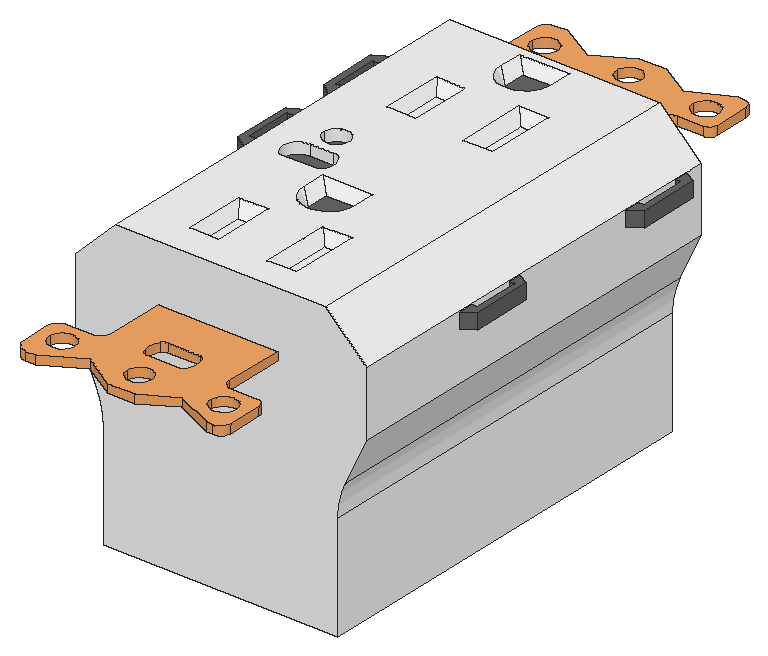
Revit family "HCSREC", category Communication Devices, host Face, Revit 2014
Parameters
  Warranty = "5-Years Warranty"  # constant formula
  Type Comments = "Controlled Receptacle"  # constant formula
  Support = Paint - Hubbell - Carbon Black
  Product Page URL = "https://www.hubbell.com/hubbellcontrolsolutions/en/Products/Lighting-Controls/Lighting-Controls-Sensors/PowerHUBB-PoE-Lighting-Control/Controlled-Receptacle/p/3094121"
  Product Documentation Link = "https://hubbellcdn.com/specsheet/HCS_HCSREC_SPEC.pdf"
  URL = "https://www.hubbell.com/hubbellcontrolsolutions/en"
  Model = "HCSREC Series"  # constant formula
  Manufacturer = "Hubbell Control Solutions"  # constant formula
  Feartures = "Split or Fully Controlled 15A or 20A Options\r\n• Downstream Branch Circuit Control\r\n• Permanent NEC 406.3 (E) Markings\r\n• UL498B SA Listed Receptacles with Integral Switching Comply with\r\nSupplement SA\r\n• Fed Spec W596G"  # constant formula
  Description = "The Hubbell Control Solutions (HCS) Duplex Receptacle is the latest addition\r\nto the HCS comprehensive offering for controlled devices. Featuring Hubbell’s\r\nexclusive and patented tamper-resistant mechanism, the unit is capable of\r\ncontrolling other receptacles downstream in the branch circuit. Hubbell offers\r\nthis innovative device in a wired control option. The series is designed to be\r\nautomatically controlled by a low voltage signal from occupancy sensors or\r\nany other type of control capable of performing this task, such as a time-ofday\r\ncontrol device. This controlled receptacle solution is fully compatible with\r\nexisting systems."  # constant formula
  Default Elevation = 48.00"
  Create Date = "02/13/2019"
  Copyright = "Copyright © 2019 Hubbell Control Solutions"  # constant formula
  Contact Us = "https://www.hubbell.com/hubbellcontrolsolutions/en/contactUs"
  Housing Material = Paint - Hubbell - Matte White
  Connecting Metal = Hubbell- Meta - Gold
  Certifications = "cUL 498B SA Fed. Spec. WC596G"
  Assembly Code = "D5090"
Reference planes (in)
  plane 1 "Center (Front/Back)": y = 11.68155
  plane 2: z = 0
  plane 3 "Center (Left/Right)": x = 0
  plane 4: z = 1.8
  plane 5: through (0.87749, -180, 1.95871) normal (0.7071, 0, 0.7071)
  plane 6: x = -0.9
  plane 7: x = 0.9
  plane 8: y = 13.59155
  plane 9: y = 9.77155
  plane 10: y = 13.32155
  plane 11: y = 10.04155
Forms (in)
  Extrusion 1, solid, material "Hubbell- Meta - Gold" <- "Connecting Metal"
    sketch origin (0, 0, 0) x (1, 0, 0) y (0, 1, 0)
      loop
        line (-0.38495, 12.97341) -> (0.35112, 12.97341) -> (0.35112, 13.34991)
        arc (0.35112, 13.34991) -> (0.36749, 13.38942) -> (0.40701, 13.40579) r 0.05588
        line (0.40701, 13.40579) -> (0.57098, 13.40579)
        arc (0.57098, 13.40579) -> (0.60503, 13.4199) -> (0.61914, 13.45395) r 0.04816
        line (0.61914, 13.45395) -> (0.61914, 13.67271)
        arc (0.61914, 13.67271) -> (0.6016, 13.71505) -> (0.55926, 13.73259) r 0.05988
        line (0.55926, 13.73259) -> (0.52174, 13.73259) -> (0.27449, 13.61729) -> (0.07479, 13.73259) -> (-0.09008, 13.73259) -> (-0.30848, 13.60136) -> (-0.53578, 13.73259) -> (-0.59763, 13.73259)
        arc (-0.59763, 13.73259) -> (-0.65166, 13.71021) -> (-0.67404, 13.65618) r 0.07641
        line (-0.67404, 13.65618) -> (-0.67404, 13.47416)
        arc (-0.67404, 13.47416) -> (-0.65401, 13.42582) -> (-0.60567, 13.40579) r 0.06837
        line (-0.60567, 13.40579) -> (-0.46098, 13.40579)
        arc (-0.46098, 13.40579) -> (-0.40722, 13.38352) -> (-0.38495, 13.32976) r 0.07603
        line (-0.38495, 13.32976) -> (-0.38495, 12.97341)
      loop
        line (-0.38495, 10.3897) -> (-0.38495, 10.03335)
        arc (-0.38495, 10.03335) -> (-0.40722, 9.97959) -> (-0.46098, 9.95732) r 0.07603
        line (-0.46098, 9.95732) -> (-0.60567, 9.95732)
        arc (-0.60567, 9.95732) -> (-0.65401, 9.93729) -> (-0.67404, 9.88894) r 0.06837
        line (-0.67404, 9.88894) -> (-0.67404, 9.70693)
        arc (-0.67404, 9.70693) -> (-0.65166, 9.6529) -> (-0.59763, 9.63052) r 0.07641
        line (-0.59763, 9.63052) -> (-0.53578, 9.63052) -> (-0.30848, 9.76175) -> (-0.09008, 9.63052) -> (0.07479, 9.63052) -> (0.27449, 9.74582) -> (0.52174, 9.63052) -> (0.55926, 9.63052)
        arc (0.55926, 9.63052) -> (0.6016, 9.64806) -> (0.61914, 9.6904) r 0.05988
        line (0.61914, 9.6904) -> (0.61914, 9.90916)
        arc (0.61914, 9.90916) -> (0.60503, 9.94321) -> (0.57098, 9.95732) r 0.04816
        line (0.57098, 9.95732) -> (0.40701, 9.95732)
        arc (0.40701, 9.95732) -> (0.36749, 9.97369) -> (0.35112, 10.0132) r 0.05588
        line (0.35112, 10.0132) -> (0.35112, 10.3897) -> (-0.38495, 10.3897)
      loop
        circle (-0.52208, 9.81705) r 0.0803
      loop
        circle (0.4752, 9.81705) r 0.0803
      loop
        circle (-0.02272, 9.78888) r 0.07695
      loop
        arc (-0.14941, 10.10148) -> (-0.16223, 10.04589) -> (-0.15274, 9.98964) r 0.14581
        arc (-0.15274, 9.98964) -> (-0.13589, 9.96819) -> (-0.10984, 9.96008) r 0.0459
        line (-0.10984, 9.96008) -> (0.07618, 9.96008)
        arc (0.07618, 9.96008) -> (0.10294, 9.96846) -> (0.12014, 9.99061) r 0.04692
        arc (0.12014, 9.99061) -> (0.12929, 10.04503) -> (0.11756, 10.09895) r 0.14581
        arc (0.11756, 10.09895) -> (0.10292, 10.11647) -> (0.08106, 10.12303) r 0.0397
        line (0.08106, 10.12303) -> (-0.11606, 10.12303)
        arc (-0.11606, 10.12303) -> (-0.13591, 10.11717) -> (-0.14941, 10.10148) r 0.03658
      loop
        circle (-0.52208, 13.54606) r 0.0803
      loop
        circle (0.4752, 13.54606) r 0.0803
      loop
        circle (-0.02272, 13.57422) r 0.07695
      loop
        arc (-0.14941, 13.26163) -> (-0.13591, 13.24594) -> (-0.11606, 13.24008) r 0.03658
        line (-0.11606, 13.24008) -> (0.08106, 13.24008)
        arc (0.08106, 13.24008) -> (0.10292, 13.24664) -> (0.11756, 13.26416) r 0.0397
        arc (0.11756, 13.26416) -> (0.12929, 13.31808) -> (0.12014, 13.3725) r 0.14581
        arc (0.12014, 13.3725) -> (0.10294, 13.39465) -> (0.07618, 13.40303) r 0.04692
        line (0.07618, 13.40303) -> (-0.10984, 13.40303)
        arc (-0.10984, 13.40303) -> (-0.13589, 13.39492) -> (-0.15274, 13.37347) r 0.0459
        arc (-0.15274, 13.37347) -> (-0.16223, 13.31722) -> (-0.14941, 13.26163) r 0.14581
    from 1.39668 to 1.45
  Extrusion 2, solid, material "Paint - Hubbell - Matte White" <- "Housing Material"
    sketch origin (0, 11.68155, 0) x (1, 0, 0) y (0, 0, 1)
      loop
        line (-0.65, 1.8) -> (-0.9, 1.55) -> (-0.9, 1.14723) -> (-0.77795, 0.8855)
        arc (-0.77795, 0.8855) -> (-0.7374, 0.76605) -> (-0.72367, 0.64065) r 0.57938
        line (-0.72367, 0.64065) -> (-0.72367, 0) -> (0.72367, 0) -> (0.72367, 0.65824)
        arc (0.72367, 0.65824) -> (0.73552, 0.76646) -> (0.77051, 0.86955) r 0.5
        line (0.77051, 0.86955) -> (0.9, 1.14723) -> (0.9, 1.55) -> (0.65, 1.8) -> (-0.65, 1.8)
    from -1.29186 to 1.29186
  Blend 3, void
    base sketch origin (0, 0, 0) x (1, 0, 0) y (0, 1, 0)
      loop
        line (-0.35181, 12.49526) -> (-0.35181, 12.11129) -> (-0.16933, 12.11129) -> (-0.16933, 12.49526) -> (-0.35181, 12.49526)
    top sketch origin (0, 0, 0) x (1, 0, 0) y (0, 1, 0)
      loop
        line (-0.30429, 12.43443) -> (-0.30429, 12.18443) -> (-0.21685, 12.18443) -> (-0.21685, 12.43443) -> (-0.30429, 12.43443)
    from 1.8 to 1.73259
  Blend 4, void
    base sketch origin (0, 23.08186, 0) x (1, 0, 0) y (0, 1, 0)
      loop
        line (-0.35181, -12.49526) -> (-0.16933, -12.49526) -> (-0.16933, -12.11129) -> (-0.35181, -12.11129) -> (-0.35181, -12.49526)
    top sketch origin (0, 23.08186, 0) x (1, 0, 0) y (0, 1, 0)
      loop
        line (-0.30429, -12.43443) -> (-0.21685, -12.43443) -> (-0.21685, -12.18443) -> (-0.30429, -12.18443) -> (-0.30429, -12.43443)
    from 1.8 to 1.73259
  Blend 5, void
    base sketch origin (0.5, 23.08186, 0) x (1, 0, 0) y (0, 1, 0)
      loop
        line (-0.35962, -12.51088) -> (-0.17714, -12.51088) -> (-0.17714, -12.08004) -> (-0.35962, -12.08004) -> (-0.35962, -12.51088)
    top sketch origin (0.5, 23.08186, 0) x (1, 0, 0) y (0, 1, 0)
      loop
        line (-0.30429, -12.46568) -> (-0.22466, -12.46568) -> (-0.22466, -12.13756) -> (-0.30429, -12.13756) -> (-0.30429, -12.46568)
    from 1.8 to 1.73259
  Blend 6, void
    base sketch origin (0.5, 24.59748, 0) x (1, 0, 0) y (0, 1, 0)
      loop
        line (-0.35962, -12.51088) -> (-0.17714, -12.51088) -> (-0.17714, -12.08004) -> (-0.35962, -12.08004) -> (-0.35962, -12.51088)
    top sketch origin (0.5, 24.59748, 0) x (1, 0, 0) y (0, 1, 0)
      loop
        line (-0.30429, -12.46568) -> (-0.22466, -12.46568) -> (-0.22466, -12.13756) -> (-0.30429, -12.13756) -> (-0.30429, -12.46568)
    from 1.8 to 1.73259
  Extrusion 7, void
    sketch origin (0, 0, 0) x (1, 0, 0) y (0, 1, 0)
      loop
        arc (-0.42062, 11.59976) -> (-0.50312, 11.52814) -> (-0.46383, 11.42621) r 0.09509
        line (-0.46383, 11.42621) -> (-0.23234, 11.42621)
        arc (-0.23234, 11.42621) -> (-0.19305, 11.52814) -> (-0.27554, 11.59976) r 0.09509
        line (-0.27554, 11.59976) -> (-0.42062, 11.59976)
      loop
        circle (-0.35751, 11.73235) r 0.079
    from 1.73259 to 1.8
  Blend 8, void
    base sketch origin (0, 0, 0) x (1, 0, 0) y (0, 1, 0)
      loop
        line (-0.17482, 11.39425) -> (-0.17482, 11.2478)
        arc (-0.17482, 11.2478) -> (-0.02071, 11.09369) -> (0.1334, 11.2478) r 0.15411
        line (0.1334, 11.2478) -> (0.1334, 11.39425) -> (-0.17482, 11.39425)
    top sketch origin (0, 0, 0) x (1, 0, 0) y (0, 1, 0)
      loop
        line (-0.11142, 11.34179) -> (-0.11142, 11.19971)
        arc (-0.11142, 11.19971) -> (-0.02071, 11.14719) -> (0.07001, 11.19971) r 0.10461
        line (0.07001, 11.19971) -> (0.07001, 11.34179) -> (-0.11142, 11.34179)
    from 1.8 to 1.73259
  Blend 9, void
    base sketch origin (0, 1.52454, 0) x (1, 0, 0) y (0, 1, 0)
      loop
        line (-0.17482, 11.39425) -> (-0.17482, 11.2478)
        arc (-0.17482, 11.2478) -> (-0.02071, 11.09369) -> (0.1334, 11.2478) r 0.15411
        line (0.1334, 11.2478) -> (0.1334, 11.39425) -> (-0.17482, 11.39425)
    top sketch origin (0, 1.52454, 0) x (1, 0, 0) y (0, 1, 0)
      loop
        line (-0.11142, 11.34179) -> (-0.11142, 11.19971)
        arc (-0.11142, 11.19971) -> (-0.02071, 11.14719) -> (0.07001, 11.19971) r 0.10461
        line (0.07001, 11.19971) -> (0.07001, 11.34179) -> (-0.11142, 11.34179)
    from 1.8 to 1.73259
  Extrusion 10, solid, material "Paint - Hubbell - Carbon Black" <- "Support"
    sketch origin (-0.1111, 0, 0) x (1, 0, 0) y (0, 1, 0)
      loop
        line (-0.78436, 12.77721) -> (-0.78436, 12.8812) -> (-0.9, 12.81443) -> (-0.9, 12.44498) -> (-0.78918, 12.36738) -> (-0.78918, 12.4863) -> (-0.85858, 12.4863) -> (-0.85858, 12.77721) -> (-0.78436, 12.77721)
    from 1.45407 to 1.54867
  Extrusion 11, solid, material "Paint - Hubbell - Carbon Black" <- "Support"
    sketch origin (-0.1111, -0.66276, 0) x (1, 0, 0) y (0, 1, 0)
      loop
        line (-0.78436, 12.77721) -> (-0.78436, 12.8812) -> (-0.9, 12.81443) -> (-0.9, 12.44498) -> (-0.78918, 12.36738) -> (-0.78918, 12.4863) -> (-0.85858, 12.4863) -> (-0.85858, 12.77721) -> (-0.78436, 12.77721)
    from 1.45407 to 1.54867
  Extrusion 12, solid, material "Paint - Hubbell - Carbon Black" <- "Support"
    sketch origin (0.07727, 0, 0) x (-1, 0, 0) y (0, -1, 0)
      loop
        line (-0.78436, -12.77721) -> (-0.85858, -12.77721) -> (-0.85858, -12.4863) -> (-0.78918, -12.4863) -> (-0.78918, -12.36738) -> (-0.9, -12.44498) -> (-0.9, -12.81443) -> (-0.78436, -12.8812) -> (-0.78436, -12.77721)
    from 1.45407 to 1.54867
  Extrusion 13, solid, material "Paint - Hubbell - Carbon Black" <- "Support"
    sketch origin (0.07727, -1.28776, 0) x (-1, 0, 0) y (0, -1, 0)
      loop
        line (-0.78436, -12.77721) -> (-0.85858, -12.77721) -> (-0.85858, -12.4863) -> (-0.78918, -12.4863) -> (-0.78918, -12.36738) -> (-0.9, -12.44498) -> (-0.9, -12.81443) -> (-0.78436, -12.8812) -> (-0.78436, -12.77721)
    from 1.45407 to 1.54867
  Revolve 14, solid, material "Paint - Hubbell - Carbon Black" <- "Support"
    sketch origin (0, 0, 1.37741) x (1, 0, 0) y (0, 1, 0)
      loop
        line (0.59157, 12.93141) -> (0.69142, 12.93141) -> (0.69142, 13.02232) -> (0.75307, 13.02232)
        arc (0.75307, 13.02232) -> (0.76791, 13.02847) -> (0.77406, 13.04331) r 0.02099
        line (0.77406, 13.04331) -> (0.77406, 13.09087)
        arc (0.77406, 13.09087) -> (0.75928, 13.12655) -> (0.7236, 13.14133) r 0.05046
        line (0.7236, 13.14133) -> (0.59157, 13.14133) -> (0.59157, 13.04116) -> (0.59157, 12.93141)
      axis (0.59157, 13.14133) -> (0.59157, 12.93141)
    angle from 0 to 360
Cuts and joins
  Blend 3, Blend 4, Blend 5, Blend 6, Extrusion 7, Blend 8, Blend 9 cuts Extrusion 2
Dimensions and locks (in)
  plane 4 to plane 2 = 1.80"
  plane 9 to plane 8 = 3.82"
  aligned and locked: plane 2 to host face
  aligned and locked: level to host face
Connectors (in)
  electrical at (0, 11.68155, 1.8)
    settings: on cut or joined group of Extrusion 2, Blend 3, Blend 4, Blend 5, Blend 6, Extrusion 7, Blend 8, Blend 9, index 1, voltage 0 V, apparent load 0 VA, apparent load phase1 0 VA, apparent load phase2 0 VA, apparent load phase3 0 VA, power factor 1, load classification "Other", number of poles 1, system type 13, power factor state 1, is connector primary yes, connector utility no, sub classification motor no, connector description "Controlled Receptacle"
